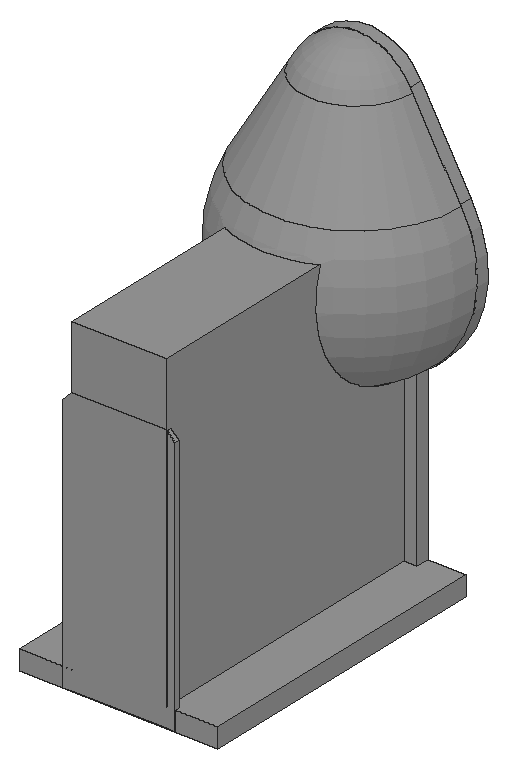
Revit family "Toilet-Willoughby-1490-HET-ETWS-FM-TS-HC", category Plumbing Fixtures, host Face, Revit 2014
Parameters (values of type "Standard")
  Waste DIA = 2 1/4"
  Waste Connection = yes
  Vent Connection = no
  URL = "www.willoughby-ind.com"
  Type Comments = "Siphon Jet Series"
  Revision = "A"
  Model = "ETWS-1490-HET-FM-TS-HC"
  Manufacturer = "Willoughby Industries"
  HW Connection = no
  Flush Inlet DIA = 1 1/2"
  Flush Inlet Connection = yes
  Fixture Body = Stainless Steel AISI 304-Willoughby
  Description = "High Efficiency  HandicapToilet"
  Default Elevation = 0' - 0"
  Contact = "(800) 428-4065"
  CW Connection = no
Reference planes (in)
  plane 1 "Center (Front/Back)": y = 0
  plane 2: z = 0
  plane 3 "Center (Left/Right)": x = 0
  plane 4 "Seat HGT": y = 18
  plane 5 "Top": y = 19
  plane 6: y = 17.25
  plane 7: z = 18.5
  plane 8: z = 14.933
  plane 9: x = 3.25
  plane 10: x = -3.25
  plane 11: z = 17.25
  plane 12: x = 7
  plane 13: z = 20.1875
  plane 14: z = 8
  plane 15: z = 10
  plane 16 "Waste HGT": y = 8.5
  plane 17: y = 19.75
  plane 18: x = 2.75
  plane 19: x = -2.75
  plane 20: z = 27.75
  plane 21: x = 5.75
  plane 22: x = -5.75
  plane 23: z = 1.125
  plane 24: z = -3
  plane 25: y = 22
  plane 26: z = 2.75
Forms (in)
  Extrusion 1, solid, material "Stainless Steel AISI 304-Willoughby" <- "Fixture Body"
    sketch origin (0, 0, 0) x (1, 0, 0) y (0, 1, 0)
      loop
        line (-5.75, 0) -> (5.75, 0) -> (5.75, 18) -> (-5.75, 18) -> (-5.75, 0)
    from 0 to 1.125
  Revolve 2, solid, material "Stainless Steel AISI 304-Willoughby" <- "Fixture Body"
    sketch origin (-60, 17.25, 57.14981) x (-1, 0, 0) y (0, 0, 1)
      loop
        line (-60, -46.89981) -> (-60, -46.39981)
        arc (-60, -46.39981) -> (-65.42136, -42.59037) -> (-65.23755, -35.96698) r 7
        line (-65.23755, -35.96698) -> (-62.80388, -31.72393) -> (-62.74416, -31.59711)
        arc (-62.74416, -31.59711) -> (-61.61332, -30.35842) -> (-60, -29.89981) r 3.067
        line (-60, -29.89981) -> (-60, -29.39981)
        arc (-60, -29.39981) -> (-61.93389, -29.96955) -> (-63.25, -31.49678) r 3.567
        line (-63.25, -31.49678) -> (-66.0721, -36.41706)
        arc (-66.0721, -36.41706) -> (-66.0572, -43.40842) -> (-60, -46.89981) r 7
      axis (-60, -29.39981) -> (-60, -46.89981)
    angle from 0 to 180
  Extrusion 3, solid, material "Stainless Steel AISI 304-Willoughby" <- "Fixture Body"
    sketch origin (0, 0, 9.20755) x (1, 0, 0) y (0, 0, 1)
      loop
        line (-3.5, 1.93865) -> (-3.5, -8.08255) -> (3.5, -8.08255) -> (3.5, 1.93865)
        arc (3.5, 1.93865) -> (6.77318, 6.23534) -> (6.01269, 11.58294) r 6.99928
        line (6.01269, 11.58294) -> (3.14932, 16.69649)
        arc (3.14932, 16.69649) -> (-0.10896, 18.5408) -> (-3.25, 16.50322) r 3.60945
        line (-3.25, 16.50322) -> (-6.10166, 11.42924)
        arc (-6.10166, 11.42924) -> (-6.75024, 6.14955) -> (-3.5, 1.93865) r 6.99928
      loop
        arc (-4.17861, 9.875) -> (0, 3.42) -> (4.17861, 9.875) r 4.58
        line (4.17861, 9.875) -> (1.45817, 16.45616)
        arc (1.45817, 16.45616) -> (-0.05754, 17.35793) -> (-1.5058, 16.35139) r 1.629
        line (-1.5058, 16.35139) -> (-4.17861, 9.875)
    from -18 to -17.25
  Extrusion 4, solid, material "Stainless Steel AISI 304-Willoughby" <- "Fixture Body"
    sketch origin (0, 0, 9.20827) x (0, 1, 0) y (0, 0, 1)
      loop
        line (0, 10) -> (0, -8.08327) -> (17.25, -8.08327) -> (17.25, 1.50333)
        arc (17.25, 1.50333) -> (12.13093, 4.2568) -> (11.23533, 10) r 6.52933
        line (11.23533, 10) -> (0, 10)
    from 2.75 to -2.75
  Revolve 5, solid, material "Stainless Steel AISI 304-Willoughby" <- "Fixture Body"
    sketch origin (0, 8.5, -24) x (0, 0, -1) y (-1, 0, 0)
      loop
        line (-25, 0) -> (-21, 0) -> (-21, 1.125) -> (-25, 1.125) -> (-25, 0)
      axis (-25, 0) -> (-21, 0)
    angle from 0 to 360
  Revolve 6, solid, material "Stainless Steel AISI 304-Willoughby" <- "Fixture Body"
    sketch origin (0, 0, 0) x (0, 1, 0) y (0, 0, 1)
      loop
        line (19, 2.75) -> (16, 2.75) -> (16, 2) -> (19, 2) -> (19, 2.75)
      axis (19, 2.75) -> (16, 2.75)
    angle from 0 to 360
  Extrusion 7, solid, material "Stainless Steel AISI 304-Willoughby" <- "Fixture Body"
    sketch origin (0, 0, 0) x (1, 0, 0) y (0, 0, 1)
      loop
        line (2.75, 0) -> (3.25, 0) -> (3.25, 15) -> (2.75, 15.5) -> (-2.75, 15.5) -> (-3.25, 15) -> (-3.25, 0) -> (-2.75, 0) -> (2.75, 0)
    from 0 to -0.25
Cuts and joins
  joined: Extrusion 1, Revolve 2, Extrusion 4
Lines and regions (in)
  symbolic lines
    curve 1: line (-6.99928, 17.25, 0) -> (-6.99928, 18, 0)
    curve 2: line (-6.99928, 18, 0) -> (6.99928, 18, 0)
    curve 3: line (6.99928, 18, 0) -> (6.99928, 17.25, 0)
    curve 4: arc (6.99928, 17.25, 0) -> (5.84117, 13.39339, 0) -> (2.75, 10.8128, 0) r 7.00046
    curve 5: arc (2.75, 11.1179, 0) -> (0, 10.5295, 0) -> (-2.75, 11.1179, 0) r 6.7205
    curve 6: line (2.75, 11.1179, 0) -> (2.75, 0, 0)
    curve 7: line (2.75, 0.25, 0) -> (3.25, 0.25, 0)
    curve 8: line (3.25, 0.25, 0) -> (3.25, 0, 0)
    curve 9: line (5.75, 13.25871, 0) -> (5.75, 0, 0)
    curve 10: line (5.75, 0, 0) -> (3.25, 0, 0)
    curve 11: arc (-2.75, 10.8128, 0) -> (-5.84117, 13.39339, 0) -> (-6.99928, 17.25, 0) r 7.00046
    curve 12: line (-2.75, 11.1179, 0) -> (-2.75, 0, 0)
    curve 13: line (-2.75, 0, 0) -> (2.75, 0, 0)
    curve 14: line (-2.75, 0, 0) -> (-5.75, 0, 0)
    curve 15: line (-2.75, 0.25, 0) -> (-3.25, 0.25, 0)
    curve 16: line (-3.25, 0.25, 0) -> (-3.25, 0, 0)
    curve 17: line (-5.75, 0, 0) -> (-5.75, 13.25871, 0)
    curve 18: line (-3.5, 0, 11.1462) -> (-3.5, 0, 1.125)
    curve 19: line (-3.5, 0, 1.125) -> (3.5, 0, 1.125)
    curve 20: line (3.5, 0, 1.125) -> (3.5, 0, 11.1462)
    curve 21: line (-3.5, 0, 1.125) -> (-5.75, 0, 1.125)
    curve 22: line (-5.75, 0, 1.125) -> (-5.75, 0, 0)
    curve 23: line (-5.75, 0, 0) -> (5.75, 0, 0)
    curve 24: line (5.75, 0, 0) -> (5.75, 0, 1.125)
    curve 25: line (5.75, 0, 1.125) -> (3.5, 0, 1.125)
    curve 26: arc (3.5, 0, 11.1462) -> (6.76136, 0, 15.4095) -> (6.0721, 0, 20.73275) r 7.04395
    curve 27: line (6.0721, 0, 20.73275) -> (3.14229, 0, 25.91654)
    curve 28: arc (3.14229, 0, 25.91654) -> (1.81904, 0, 27.25812) -> (0, 0, 27.75) r 3.60945
    curve 29: arc (0, 0, 27.75) -> (-1.91839, 0, 27.19798) -> (-3.25, 0, 25.71078) r 3.60945
    curve 30: line (-3.25, 0, 25.71078) -> (-6.10166, 0, 20.63679)
    curve 31: arc (-6.10166, 0, 20.63679) -> (-6.75024, 0, 15.3571) -> (-3.5, 0, 11.1462) r 6.99928
    curve 37: line (0, 18, 0) -> (0, 18, 27.75)
    curve 38: line (0, 18, 27.75) -> (0, 17.25, 27.75)
    curve 39: arc (0, 17.25, 27.75) -> (0, 15.31611, 27.18026) -> (0, 14, 25.65303) r 3.567
    curve 40: line (0, 14, 25.65303) -> (0, 11.05122, 20.48018)
    curve 41: arc (0, 11.05122, 20.48018) -> (0, 10.74933, 19.86106) -> (0, 10.5295, 19.20827) r 5.34961
    curve 42: line (0, 11.1179, 19.20827) -> (0, 0, 19.20827)
    curve 43: line (0, 0, 19.20827) -> (0, 0, 0)
    curve 44: line (0, 0, 0) -> (0, 18, 0)
    curve 45: line (0, 0, 1.125) -> (0, 18, 1.125)
    curve 46: line (0, 17.25, 1.125) -> (0, 17.25, 11.1462)
    curve 47: line (0, 17.25, 11.1462) -> (0, 18, 11.1462)
    curve 48: arc (0, 17.25, 10.71161) -> (0, 12.07246, 13.43606) -> (0, 11.1179, 19.20827) r 6.57261
  symbolic lines, detail levels fine
    curve 32: arc (-4.23311, 0, 18.95602) -> (0.06888, 0, 12.62807) -> (4.17861, 0, 19.08255) r 4.58
    curve 33: line (4.17861, 0, 19.08255) -> (1.45817, 0, 25.66371)
    curve 34: arc (1.45817, 0, 25.66371) -> (0.85026, 0, 26.36664) -> (-0.05754, 0, 26.56548) r 1.47245
    curve 35: arc (-0.05754, 0, 26.56548) -> (-0.9107, 0, 26.24786) -> (-1.5058, 0, 25.55895) r 1.83288
    curve 36: line (-1.5058, 0, 25.55895) -> (-4.23311, 0, 18.95602)
Dimensions and locks (in)
  equal spacing: plane 9, plane 3 "Center (Left/Right)", plane 10
  plane 9 to plane 10 = 0' - 6 1/2"
  host face to plane 11 = 1' - 5 1/4"
  plane 7 to level = 1' - 6 1/2"
  plane 5 "Top" to plane 1 "Center (Front/Back)" = 1' - 7"
  plane 4 "Seat HGT" to plane 1 "Center (Front/Back)" = 1' - 6"
  plane 16 "Waste HGT" to plane 1 "Center (Front/Back)" = 0' - 8 1/2"
  plane 1 "Center (Front/Back)" to plane 16 "Waste HGT" = 0' - 8 1/2"
  plane 19 to plane 18 = 0' - 5 1/2"
  plane 6 to plane 1 "Center (Front/Back)" = 1' - 5 1/4"
  level to plane 20 = 2' - 3 3/4"
  plane 22 to plane 21 = 0' - 11 1/2"
  plane 1 "Center (Front/Back)" to plane 4 "Seat HGT" = 1' - 6"
  plane 22 to plane 3 "Center (Left/Right)" = 0' - 5 3/4"
  plane 25 to plane 1 "Center (Front/Back)" = 1' - 10"
  plane 20 to level = 2' - 3 3/4"
  level to plane 26 = 0' - 2 3/4"
  plane 21 to plane 3 "Center (Left/Right)" = 0' - 5 3/4"
  plane 3 "Center (Left/Right)" to plane 22 = 0' - 5 3/4"
  aligned and locked: plane 2 to host face
  aligned and locked: level to host face
  aligned and locked: plane 21 to Extrusion 1
  aligned and locked: Extrusion 1 to plane 22
  aligned and locked: plane 18 to Extrusion 4
  aligned and locked: Extrusion 4 to plane 19
  aligned and locked: Revolve 6 sketch curve to Revolve 6 sketch curve  (x2)
  aligned and locked: Extrusion 3 to cut or joined group of Extrusion 1, Revolve 2, Extrusion 4
Automatic sketch dimensions
  host sketch curve to host sketch curve = 3' - 6.09429"
  host sketch curve to host sketch curve = 4' - 3.69331"
  Extrusion 1 sketch curve to plane 5 "Top" = 0' - 1"
  Extrusion 3 sketch curve to Extrusion 3 sketch curve = 0' - 0"  (x4)
  Extrusion 3 sketch curve to plane 10 = 0' - 0"
  Extrusion 3 sketch curve to plane 3 "Center (Left/Right)" = 0' - 0"  (x3)
  plane 14 to Extrusion 3 sketch curve = 0' - 9.20755"
  plane 8 to Extrusion 3 sketch curve = 0' - 9.20755"
  Extrusion 3 sketch curve to plane 10 = 0' - 0 1/4"
  Extrusion 3 sketch curve to plane 10 = 0' - 0.92861"
  Extrusion 3 sketch curve to plane 3 "Center (Left/Right)" = 0' - 1.5058"
  plane 3 "Center (Left/Right)" to Extrusion 3 sketch curve = 0' - 1.45817"
  Extrusion 3 sketch curve to plane 9 = 0' - 0.10068"
  plane 9 to Extrusion 3 sketch curve = 0' - 0 1/4"
  plane 9 to Extrusion 3 sketch curve = 0' - 0.92861"
  level to Extrusion 3 sketch curve = 0' - 11.1462"  (x2)
  plane 14 to Extrusion 3 sketch curve = 0' - 11.08255"
  Extrusion 3 sketch curve to Extrusion 3 sketch curve = 0' - 0.79695"
  plane 8 to Extrusion 3 sketch curve = 0' - 10.62595"
  plane 8 to Extrusion 3 sketch curve = 0' - 10.77778"
  Extrusion 3 sketch curve to Extrusion 3 sketch curve = 0' - 10.0212"
  plane 15 to Extrusion 4 sketch curve = 0' - 9.20827"
  Extrusion 4 sketch curve to plane 6 = 0' - 0"
  plane 6 to Extrusion 4 sketch curve = 0' - 0.21015"
  plane 14 to Extrusion 4 sketch curve = 0' - 9.23755"
  level to Extrusion 4 sketch curve = 0' - 1 1/8"
  Extrusion 4 sketch curve to plane 6 = 0' - 6.01467"
  Revolve 2 sketch curve to Revolve 2 sketch curve = 0' - 0"  (x3)
  Revolve 2 sketch curve to plane 9 = 0' - 0"
  Revolve 2 sketch curve to plane 3 "Center (Left/Right)" = 0' - 0"  (x3)
  Revolve 2 sketch curve to plane 11 = 0' - 0"
  Revolve 2 sketch curve to plane 9 = 0' - 0.44612"
  Revolve 2 sketch curve to Revolve 2 sketch curve = 0' - 0.05972"
  plane 11 to Revolve 2 sketch curve = 0' - 0.45007"
  Revolve 2 sketch curve to plane 3 "Center (Left/Right)" = 0' - 0.83455"
  level to Revolve 2 sketch curve = 0' - 10 3/4"
  Revolve 2 sketch curve to Revolve 2 sketch curve = 0' - 0 1/2"
  plane 8 to Revolve 2 sketch curve = 0' - 9 1/4"
  plane 8 to Revolve 2 sketch curve = 0' - 10.49288"
  Revolve 2 sketch curve to Revolve 2 sketch curve = 0' - 0.12681"
  Revolve 2 sketch curve to Revolve 2 sketch curve = 0' - 0.22715"
  Revolve 5 sketch curve to plane 3 "Center (Left/Right)" = 0' - 0"  (x2)
  level to Revolve 5 sketch curve = 0' - 1"
  Revolve 5 sketch curve to level = 0' - 3"
  Revolve 5 sketch curve to Revolve 5 sketch curve = 0' - 1 1/8"
  Revolve 5 sketch curve to Revolve 5 sketch curve = 0' - 0"
  Revolve 5 sketch curve to Revolve 5 sketch curve = 0' - 1 3/4"
  Extrusion 1 sketch curve to plane 10 = 0' - 2 1/2"
  plane 7 to Extrusion 3 sketch curve = 0' - 2.13679"
  plane 9 to Extrusion 1 sketch curve = 0' - 2 1/2"
  plane 7 to Revolve 2 sketch curve = 0' - 2.68282"
  plane 7 to Revolve 2 sketch curve = 0' - 2.23275"
  plane 7 to Extrusion 3 sketch curve = 0' - 2.2905"
  plane 1 "Center (Front/Back)" to Extrusion 1 sketch curve = 0' - 0"
  Extrusion 4 sketch curve to plane 1 "Center (Front/Back)" = 0' - 0"
  Revolve 6 sketch curve to plane 26 = 0' - 0"  (x2)
  Revolve 6 sketch curve to plane 5 "Top" = 0' - 0"
  Revolve 6 sketch curve to plane 6 = 0' - 1 1/4"
  Revolve 6 sketch curve to Revolve 6 sketch curve = 0' - 0 3/4"
  Revolve 6 sketch curve to Revolve 6 sketch curve = 0' - 0"
  Extrusion 7 sketch curve to plane 10 = 0' - 0"
  Extrusion 7 sketch curve to level = 0' - 0"
  plane 19 to Extrusion 7 sketch curve = 0' - 0"
  Extrusion 7 sketch curve to plane 19 = 0' - 0"
  Extrusion 7 sketch curve to plane 18 = 0' - 0"
  plane 18 to Extrusion 7 sketch curve = 0' - 0"
  plane 9 to Extrusion 7 sketch curve = 0' - 0"
  plane 8 to Extrusion 7 sketch curve = 0' - 0.067"  (x2)
  plane 8 to Extrusion 7 sketch curve = 0' - 0.567"
  curve 1 to plane 4 "Seat HGT" = 0' - 0"
  curve 11 to plane 6 = 0' - 0"
  plane 1 "Center (Front/Back)" to curve 14 = 0' - 0"
  curve 14 to plane 22 = 0' - 0"
  curve 15 to plane 10 = 0' - 0"
  curve 5 to plane 19 = 0' - 0"
  curve 4 to plane 6 = 0' - 0"
  curve 5 to plane 3 "Center (Left/Right)" = 0' - 0"
  curve 7 to plane 18 = 0' - 0"
  curve 8 to plane 9 = 0' - 0"
  plane 1 "Center (Front/Back)" to curve 9 = 0' - 0"
  curve 9 to plane 21 = 0' - 0"
  curve 5 to plane 6 = 0' - 0"
  curve 1 to plane 22 = 0' - 1.24928"
  curve 4 to plane 3 "Center (Left/Right)" = 0' - 0.00118"
  curve 5 to curve 11 = 0' - 0.00118"
  plane 21 to curve 3 = 0' - 1.24928"
  curve 16 to plane 1 "Center (Front/Back)" = 0' - 0 1/4"
  curve 7 to plane 1 "Center (Front/Back)" = 0' - 0 1/4"
  curve 4 to curve 6 = 0' - 0.30509"
  curve 28 to curve 29 = 0' - 0"
  curve 31 to curve 32 = 0' - 0"  (x2)
  curve 22 to plane 22 = 0' - 0"
  curve 19 to plane 23 = 0' - 0"
  curve 30 to plane 10 = 0' - 0"
  curve 31 to plane 3 "Center (Left/Right)" = 0' - 0"
  curve 28 to plane 3 "Center (Left/Right)" = 0' - 0"
  curve 25 to plane 21 = 0' - 0"
  curve 23 to level = 0' - 0"
  curve 29 to plane 20 = 0' - 0"
  curve 30 to plane 22 = 0' - 0.35166"
  curve 19 to plane 10 = 0' - 0 1/4"
  curve 26 to plane 3 "Center (Left/Right)" = 0' - 0.04198"
  plane 3 "Center (Left/Right)" to curve 34 = 0' - 0.0974"
  plane 3 "Center (Left/Right)" to curve 35 = 0' - 0.13533"
  curve 33 to plane 18 = 0' - 1.29183"
  curve 27 to plane 9 = 0' - 0.10771"
  plane 9 to curve 20 = 0' - 0 1/4"
  plane 9 to curve 33 = 0' - 0.92861"
  plane 21 to curve 27 = 0' - 0.3221"
  plane 15 to curve 20 = 0' - 1.1462"
  plane 15 to curve 18 = 0' - 1.1462"
  curve 31 to plane 7 = 0' - 1.29245"
  curve 31 to curve 26 = 0' - 0.0273"
  plane 7 to curve 33 = 0' - 0.58255"
  curve 28 to curve 29 = 0' - 3.60945"
  curve 28 to curve 35 = 0' - 0.60223"
  curve 35 to curve 34 = 0' - 0.35843"
  curve 34 to curve 33 = 0' - 0 9/16"
  plane 7 to curve 36 = 0' - 0.45602"
  plane 19 to curve 35 = 0' - 1.2442"
  curve 35 to curve 34 = 0' - 0"
  curve 45 to plane 1 "Center (Front/Back)" = 0' - 0"
  curve 39 to plane 6 = 0' - 0"
  curve 48 to plane 6 = 0' - 0"
  curve 38 to plane 4 "Seat HGT" = 0' - 0"
  curve 37 to level = 0' - 0"
  curve 45 to plane 23 = 0' - 0"
  curve 38 to plane 20 = 0' - 0"
  curve 40 to plane 20 = 0' - 2.09697"
  curve 40 to curve 39 = 0' - 3 1/4"
  curve 41 to plane 7 = 0' - 0.66913"
  curve 41 to plane 6 = 0' - 1.55126"
  plane 6 to curve 48 = 0' - 0.15204"
  plane 15 to curve 46 = 0' - 1.1462"
  curve 48 to plane 7 = 0' - 1.21754"
  plane 7 to curve 43 = 0' - 0.70827"
  curve 42 to curve 40 = 0' - 1.27191"
  curve 41 to curve 48 = 0' - 0.5884"
  curve 48 to curve 46 = 0' - 0.4346"
Connectors (in)
  piping at (0, 8.5, -3), diameter 2.25, driven by "Waste Connection", driven by "Waste DIA"
    settings: on Revolve 5, index 1, connector inside diameter 24", connector length 0' - 0", flow factor 0, pipe flow 0 GPM, pressure drop 0.00 psi, fitting loss kfactor 0, connector angle 0.00°, fixture units 0, engagement length 0' - 0", angle of deflection 0.00°, flow configuration 0, flow direction 2, fitting loss method 0, system type 16, joint type 0, gender type 0, connector reference index -1, connector utility 1, adjustable connector no, is connector primary yes, connector description "Toilet Waste"
  piping at (0, 19, 2.75), diameter 1.5, driven by "Flush Inlet Connection", driven by "Flush Inlet DIA"
    settings: on Revolve 6, index 2, connector inside diameter 24", connector length 0' - 0", flow factor 0, pipe flow 0 GPM, pressure drop 0.00 psi, fitting loss kfactor 0, connector angle 0.00°, fixture units 0, engagement length 0' - 0", angle of deflection 0.00°, flow configuration 0, flow direction 1, fitting loss method 0, system type 20, joint type 0, gender type 0, connector reference index -1, connector utility 1, adjustable connector no, is connector primary no, connector description "Flush Inlet"
